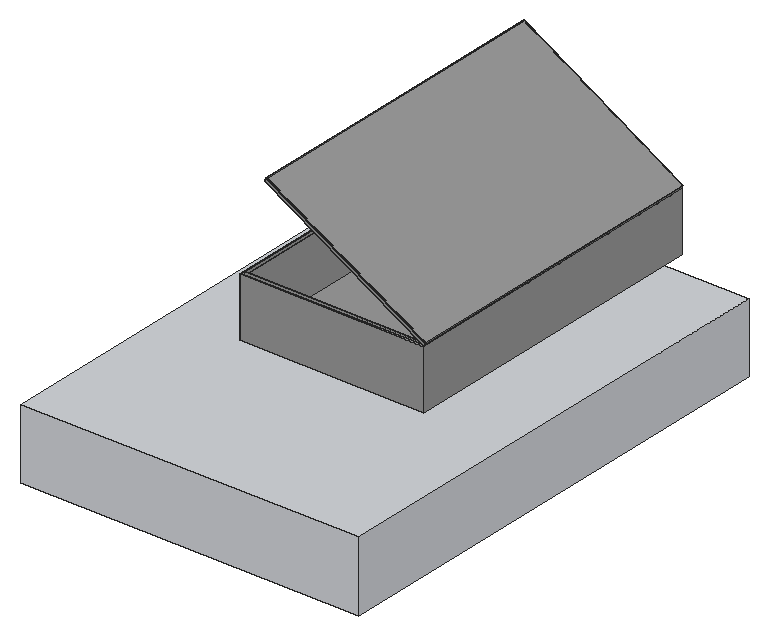
Revit family "Hager-Univers-IP55-D275-H1400-Cl.II-Steel_encl-NL-en", category Equipement électrique, Revit 2020
Family settings
  Hôte = Face
  Configuration du panneau = Deux colonnes, circuits au sein
  Cote de connecteur circulaire = Utiliser le diamètre
  Type d'élément = Tableau de raccordement
  Couper avec des vides une fois chargée = Non
  Partagée = Non
  Point de calcul de pièce = Non
Parameters (values of type "Surface mounted (plaster) IP55 W800 H1400 D275  - FR93S")
  Width Control [instance] = if([EF000008 - Width] > Min Width, [EF000008 - Width], Min Width)  # 800 mm
  Commentaires du type = [HG000003 - Range]  # "Univers"
  Thickness Door [instance] = if([EF009171 - Material plate thickness door/cover] > 3 mm, 3 mm, [EF009171 - Material plate thickness door/cover])  # 1.5 mm
  Seal Frame Offset [instance] = 17 mm  # constant formula
  Plinth Visibility [instance] = [HG000027 - Plinth height] > 0 mm  # no
  Model = ""
  Min Width [instance] = 100 mm  # constant formula
  Min Height [instance] = 100 mm  # constant formula
  Min Depth [instance] = (2 * [EF009170 - Material plate thickness cabinet]) + 1 mm  # 4 mm
  Internal Frame Depth [instance] = (Door System Depth * 0.5)  # 9 mm
  Height Control [instance] = if([EF000040 - Height] > Min Height, [EF000040 - Height], Min Height)  # 1400 mm
  HG000027 - Plinth height = 0 mm
  HG000026 - Floor standing = no
  HG000024 - Bottom section height = 800 mm
  HG000023 - Double section enclosure = no
  HG000016 - Door 3d visibility [instance] = yes
  HG000015 - Clearance visibility [instance] = no
  HG000014 - Door on the right [instance] = yes
  HG000013 - Door on the left [instance] = not([HG000014 - Door on the right])  # no
  HG000012 - Door swing angle [instance] = 30.00°
  HG000010 - Asymmetric doors = no
  HG000009 - Double swing door = no
  HG000006 - Flush mounted = no
  HG000004 - Manufacturer reference = "FR93S"
  HG000003 - Range = "Univers"
  HG000002 - With door or cover = yes
  Frame Offset Bottom [instance] = 10 mm  # constant formula
  Frame Offset [instance] = 15 mm  # constant formula
  EF015940 - Cover with overpressure release = no
  EF011959 - Degree of protection (NEMA) = ""
  EF009554 - Number of openings for flange plates = 6
  EF009212 - Cover model = "EV000116 - Closed"
  EF009171 - Material plate thickness door/cover = 1.5 mm
  EF009170 - Material plate thickness cabinet = 1.5 mm
  Fabricant = "Hager"  # constant formula
  EF008873 - Nominal current (In) = 800 A
  EF007800 - Suitable for lightning protection = no
  EF006306 - With lock = no
  EF006244 - Transparent cover/door = no
  EF005474 - Degree of protection (IP) = "EV006420 - IP55"
  EF004464 - Type of door = "EV002646 - Single"
  EF004427 - Number of modules = 324
  EF004293 - Impact strength = "EV008784 - IK10"
  EF003532 - Suitable for outdoor use = no
  EF002950 - Width in number of modular spacings = 24
  EF001613 - Circuit integrity = "EV000494 - None"
  EF001596 - Material housing = "EV000179 - Steel"
  EF001131 - Internal depth = 275 mm
  EF001088 - Extension possible = yes
  EF000437 - Number of conduit inlets = 6
  EF000339 - Type of cover = "EV004216 - Door"
  EF000266 - Number of rows = 9
  EF000218 - Built-in depth = 0 mm
  EF000118 - With mounting plate = no
  EF000116 - RAL-number = "7035"
  EF000049 - Depth = 275 mm
  EF000040 - Height = 1400 mm
  EF000008 - Width = 800 mm
  EF000007 - Colour = "EV000270 - Grey"
  EF000003 - Mounting method = "EV000384 - Surface mounted (plaster)"
  Door System Leaf Tolerance [instance] = 1.5 mm  # constant formula
  Door System Depth [instance] = 18 mm  # constant formula
  Door Height [instance] = Height Control - [HG000027 - Plinth height]  # 1400 mm
  Depth Control [instance] = if([EF000049 - Depth] > Min Depth, [EF000049 - Depth], Min Depth)  # 275 mm
  Default Elevation = 0 mm
  Connector Offset [instance] = Height Control / 2  # 700 mm
  Bottom Top Plate Trim [instance] = 1.5 mm  # constant formula
  Plinth height Ctrl [instance] = if([HG000027 - Plinth height] > 0 mm, [HG000027 - Plinth height], 12 mm)  # 12 mm
Types (5, lengths in mm): name | Width Control | HG000010 - Asymmetric doors | HG000009 - Double swing door | HG000004 - Manufacturer reference | EF009554 - Number of openings for flange plates | EF004464 - Type of door | EF004427 - Number of modules | EF000437 - Number of conduit inlets | EF000008 - Width
  Surface mounted (plaster) IP55 W1050 H1400 D275  - FR94S | 1050 | no | yes | "FR94S" | 8 | "EV003602 - Double" | 432 | 8 | 1050
  Surface mounted (plaster) IP55 W1300 H1400 D275  - FR95S | 1300 | yes | yes | "FR95S" | 10 | "EV003602 - Double" | 540 | 10 | 1300
  Surface mounted (plaster) IP55 W300 H1400 D275  - FR91S | 300 | no | no | "FR91S" | 2 | "EV002646 - Single" | 108 | 2 | 300
  Surface mounted (plaster) IP55 W550 H1400 D275  - FR92S | 550 | no | no | "FR92S" | 4 | "EV002646 - Single" | 216 | 4 | 550
  Surface mounted (plaster) IP55 W800 H1400 D275  - FR93S | 800 | no | no | "FR93S" | 6 | "EV002646 - Single" | 324 | 6 | 800
Reference planes
  plane 1 "Center (Front/Back)": y = 0
  plane 2: z = 0
  plane 3 "Center (Left/Right)": x = 0
  plane 4: z = 275
  plane 5: y = 1.5
  plane 6: y = 700
  plane 7: y = 0
  plane 8: y = 1400
  plane 9: z = 0
  plane 10: x = -385
  plane 11: x = 385
  plane 12: x = 383.5
  plane 13: x = -383.5
  plane 14: y = 1398.5
  plane 15: x = -383
  plane 16: x = -400
  plane 17: x = 383
  plane 18: x = 400
  plane 19: x = 398.5
  plane 20: x = -398.5
  plane 21: y = 11.5
  plane 22: y = 1400
  plane 23: y = 1383.5
  plane 24: z = 257
  plane 25: z = 1.5
  plane 26: z = 255.5
  plane 27: z = 273.5
Forms (mm)
  Extrusion 1, solid
    sketch origin (0, 0, 0) x (1, 0, 0) y (0, 1, 0)
      loop
        line (-702.964, 1305) -> (-702.964, -811.445) -> (766.763, -811.445) -> (766.763, 1305) -> (-702.964, 1305)
    from 0 to -304.8
  Extrusion 2, solid, material "Hager_Steel_RAL7035_Light_Grey", visible <- "Plinth Visibility", detail levels medium+fine
    sketch origin (0, 0, 0) x (1, 0, 0) y (0, 1, 0)
      loop
        line (-400, 0) -> (400, 0) -> (400, 12) -> (-400, 12) -> (-400, 0)
    from 0 to 257
  Extrusion 3, solid, material "Hager_Steel_RAL7035_Light_Grey", detail levels medium+fine
    sketch origin (0, 0, 0) x (1, 0, 0) y (0, 1, 0)
      loop
        line (-400, 0) -> (400, 0) -> (400, 1400) -> (-400, 1400) -> (-400, 0)
    from 0 to 257
  Extrusion 4, void
    sketch origin (0, 0, 0) x (1, 0, 0) y (0, 1, 0)
      loop
        line (-398.5, 1.5) -> (398.5, 1.5) -> (398.5, 1398.5) -> (-398.5, 1398.5) -> (-398.5, 1.5)
    from 1.5 to 255.5
  Extrusion 5, void
    sketch origin (-381.607, -4572, 257) x (0, -1, 0) y (-1, 0, 0)
      loop
        line (-4583.5, 1.893) -> (-5955.5, 1.893) -> (-5955.5, -765.107) -> (-4583.5, -765.107) -> (-4583.5, 1.893)
    from 0 to 1.5 <- "EF009170 - Material plate thickness cabinet"
  Extrusion 6, solid, material "Hager_Steel_RAL7035_Light_Grey", detail levels fine
    sketch origin (0, 0, 257) x (1, 0, 0) y (0, 1, 0)
      loop
        line (-383.5, 1383.5) -> (-383.5, 11.5) -> (383.5, 11.5) -> (383.5, 1383.5) -> (-383.5, 1383.5)
      loop
        line (-385, 10) -> (385, 10) -> (385, 1385) -> (-385, 1385) -> (-385, 10)
    from 0 to 9 <- "Internal Frame Depth"
  Extrusion 7, solid, material "Hager_Steel_RAL7035_Light_Grey", detail levels coarse
    sketch origin (0, 0, 0) x (1, 0, 0) y (0, 1, 0)
      loop
        line (-400, 0) -> (400, 0) -> (400, 1400) -> (-400, 1400) -> (-400, 0)
    from 0 to 275
  Sweep 8, void
    path in 3D
      loop
        line (-400, 12, 0) -> (400, 12, 0) -> (400, 12, 257) -> (-400, 12, 257) -> (-400, 12, 0)
    profile origin (-400, 12, 128.5) x (-1, 0, 0) y (0, -1, 0)
      loop
        line (0, 0) -> (0, 1.5) -> (-1.5, 1.5)
        arc (-1.5, 1.5) -> (-1.061, 0.439) -> (0, 0) r 1.5
Cuts and joins
  Extrusion 4, Extrusion 5 cuts Extrusion 3
  Sweep 8 cuts Extrusion 2
Lines and regions (mm)
  Masking region 1
    outline origin (0, 0, 0) x (1, 0, 0) y (0, 0, 1)
      loop
        line (-400, 275) -> (-400, 0) -> (400, 0) -> (400, 275) -> (-400, 275)
  Masking region 2, detail levels medium+fine
    outline origin (0, 140, 0) x (0, 1, 0) y (0, 0, 1)
      loop
        line (-140, 0) -> (1260, 0) -> (1260, 257) -> (-140, 257) -> (-140, 0)
  Masking region 3, not visible, detail levels medium+fine
    outline origin (0, 297.922, 0) x (0, 1, 0) y (0, 0, 1)
      loop
        line (413.578, 0) -> (453.578, 0) -> (453.578, 263.5)
        arc (453.578, 263.5) -> (450.649, 270.571) -> (443.578, 273.5) r 10
        line (443.578, 273.5) -> (413.578, 273.5) -> (413.578, 0)
  Masking region 4, detail levels coarse
    outline origin (0, 0, 180) x (0, 1, 0) y (0, 0, 1)
      loop
        line (0, -180) -> (1400, -180) -> (1400, 95) -> (0, 95) -> (0, -180)
  Masking region 5, visible <- "Plinth Visibility", detail levels medium+fine
    outline origin (0, 52.24, 12.345) x (0, 0, -1) y (0, 1, 0)
      loop
        line (10.845, -40.24) -> (-243.155, -40.24)
        arc (-243.155, -40.24) -> (-243.594, -41.301) -> (-244.655, -41.74) r 1.5
        line (-244.655, -41.74) -> (-244.655, -52.24) -> (12.345, -52.24) -> (12.345, -41.74)
        arc (12.345, -41.74) -> (11.285, -41.301) -> (10.845, -40.24) r 1.5
  Masking region 6, detail levels medium+fine
    outline origin (-381.607, -4572, 257) x (-1, 0, 0) y (0, -1, 0)
      loop
        line (18.393, -5972) -> (18.393, -4572) -> (-781.607, -4572) -> (-781.607, -5972) -> (18.393, -5972)
  Masking region 7, visible <- "Plinth Visibility", detail levels medium+fine
    outline origin (-381.607, -4727, 257) x (-1, 0, 0) y (0, -1, 0)
      loop
        arc (16.893, -4739) -> (17.332, -4737.939) -> (18.393, -4737.5) r 1.5
        line (18.393, -4737.5) -> (18.393, -4727) -> (-781.607, -4727) -> (-781.607, -4737.5)
        arc (-781.607, -4737.5) -> (-780.546, -4737.939) -> (-780.107, -4739) r 1.5
        line (-780.107, -4739) -> (16.893, -4739)
  Masking region 8, detail levels coarse
    outline origin (-442.548, -4669.526, 257) x (-1, 0, 0) y (0, -1, 0)
      loop
        line (-42.548, -6069.526) -> (-42.548, -4669.526) -> (-842.548, -4669.526) -> (-842.548, -6069.526) -> (-42.548, -6069.526)
  sketch lines
    curve 1: line (-400, 12, 257) -> (-400, 12, 0)
    curve 2: line (400, 12, 257) -> (-400, 12, 257)
    curve 3: line (400, 12, 257) -> (400, 12, 0)
    curve 4: line (-400, 12, 0) -> (400, 12, 0)
Dimensions and locks
  "Depth Control": plane 4 to Extrusion 1
  "HG000027 - Plinth height": plane 1 "Center (Front/Back)" to plane 7
  "EF009170 - Material plate thickness cabinet": plane 5 to plane 7
  locked: connector elem to plane 3 "Center (Left/Right)"
  equal spacing: plane 8, plane 6, plane 7
  locked: connector elem to plane 6
  "EF009170 - Material plate thickness cabinet": plane 8 to plane 14
  "EF009170 - Material plate thickness cabinet": plane 10 to plane 13
  "EF009170 - Material plate thickness cabinet": plane 12 to plane 11
  "Frame Offset": plane 20 to plane 13
  "Frame Offset": plane 12 to plane 19
  "EF009170 - Material plate thickness cabinet": plane 16 to plane 20
  "EF009170 - Material plate thickness cabinet": plane 19 to plane 18
  "Seal Frame Offset": plane 16 to plane 15
  "Seal Frame Offset": plane 17 to plane 18
  "Frame Offset Bottom": plane 21 to plane 5
  "Frame Offset": plane 14 to plane 23
  equal spacing: plane 16, plane 3 "Center (Left/Right)", plane 18
  "Width Control": plane 16 to plane 18
  "EF009170 - Material plate thickness cabinet": plane 4 to plane 27
  "EF009170 - Material plate thickness cabinet": plane 24 to plane 26
  "EF009170 - Material plate thickness cabinet": plane 25 to level
  "Door System Depth": plane 4 to plane 24
  "Height Control": plane 1 "Center (Front/Back)" to Extrusion 7 sketch curve
  "Height Control": Masking region 4 sketch curve to plane 1 "Center (Front/Back)"
  "Height Control": plane 1 "Center (Front/Back)" to plane 22
  "Bottom Top Plate Trim": profile plane to Sweep 8 sketch curve
  "Bottom Top Plate Trim": Sweep 8 sketch curve to profile plane
  "Plinth height Ctrl": plane 1 "Center (Front/Back)" to Extrusion 2 sketch curve
  "Plinth height Ctrl": Masking region 5 sketch curve to plane 1 "Center (Front/Back)"
  "Plinth height Ctrl": plane 1 "Center (Front/Back)" to Masking region 7 sketch curve
  "Thickness Door": Extrusion 6 sketch curve to Extrusion 6 sketch curve  (x3)
  "Thickness Door": cut or joined group of Extrusion 3, Extrusion 4, Extrusion 5 to Extrusion 6 sketch curve
  radius of Masking region 3 sketch curve = 10 mm
  "Bottom Top Plate Trim": radius of Masking region 5 sketch curve  (x2)
  "Bottom Top Plate Trim": radius of Sweep 8 sketch curve
  "Bottom Top Plate Trim": radius of Masking region 7 sketch curve  (x2)
  aligned and locked: plane 2 to Extrusion 1
  aligned and locked: level to Extrusion 1
  aligned and locked: level to Masking region 1 sketch curve
  aligned and locked: Masking region 1 sketch curve to plane 18
  aligned and locked: Masking region 1 sketch curve to plane 16
  aligned and locked: plane 7 to Masking region 2 sketch curve
  aligned and locked: level to Masking region 3 sketch curve
  aligned and locked: Masking region 3 sketch curve to plane 27
  aligned and locked: level to Masking region 2 sketch curve
  aligned and locked: plane 1 "Center (Front/Back)" to Extrusion 2 sketch curve
  aligned and locked: Extrusion 3 sketch curve to plane 7
  aligned and locked: plane 16 to Extrusion 3 sketch curve
  aligned and locked: plane 18 to Extrusion 3 sketch curve
  aligned and locked: plane 20 to Extrusion 4 sketch curve
  aligned and locked: plane 19 to Extrusion 4 sketch curve
  aligned and locked: Extrusion 4 sketch curve to plane 5
  aligned and locked: Extrusion 4 to plane 25
  aligned and locked: plane 26 to Extrusion 4
  aligned and locked: plane 24 to Extrusion 3
  aligned and locked: Extrusion 5 sketch curve to plane 21
  aligned and locked: Extrusion 5 sketch curve to plane 13
  aligned and locked: Extrusion 5 sketch curve to plane 12
  aligned and locked: plane 18 to Extrusion 7 sketch curve
  aligned and locked: plane 1 "Center (Front/Back)" to Extrusion 7 sketch curve
  aligned and locked: plane 16 to Extrusion 7 sketch curve
  aligned and locked: plane 4 to Extrusion 7
  aligned and locked: Extrusion 7 to level
  aligned and locked: level to Masking region 4 sketch curve
  aligned and locked: Masking region 4 sketch curve to plane 1 "Center (Front/Back)"
  aligned and locked: Masking region 4 sketch curve to plane 4
  aligned and locked: nested 1 to level
  aligned and locked: nested 1 to plane 16
  aligned and locked: plane 8 to Extrusion 3 sketch curve
  aligned and locked: plane 23 to Extrusion 5 sketch curve
  aligned and locked: plane 14 to Extrusion 4 sketch curve
  aligned and locked: Masking region 2 sketch curve to plane 8
  aligned and locked: level to Masking region 5 sketch curve
  aligned and locked: plane 16 to Extrusion 2 sketch curve
  aligned and locked: plane 18 to Extrusion 2 sketch curve
  aligned and locked: Masking region 5 sketch curve to plane 24
  aligned and locked: Masking region 2 sketch curve to plane 24
  aligned and locked: plane 24 to Extrusion 2
  aligned and locked: profile plane to Sweep 8 sketch curve  (x2)
  aligned and locked: Masking region 6 sketch curve to plane 18
  aligned and locked: Masking region 6 sketch curve to plane 22
  aligned and locked: Masking region 6 sketch curve to plane 16
  aligned and locked: plane 8 to plane 22
  aligned and locked: Masking region 6 sketch curve to plane 7
  aligned and locked: Masking region 7 sketch curve to plane 16
  aligned and locked: Masking region 7 sketch curve to plane 1 "Center (Front/Back)"
  aligned and locked: Masking region 7 sketch curve to plane 18
  aligned and locked: Masking region 8 sketch curve to plane 1 "Center (Front/Back)"
  aligned and locked: Masking region 8 sketch curve to plane 18
  aligned and locked: Masking region 8 sketch curve to plane 22
  aligned and locked: Masking region 8 sketch curve to plane 16
  aligned and locked: nested 2 to plane 7
  aligned and locked: plane 3 "Center (Left/Right)" to nested 2
  aligned and locked: nested 2 to plane 24
  aligned and locked: Extrusion 6 sketch curve to cut or joined group of Extrusion 3, Extrusion 4, Extrusion 5  (x4)
Automatic sketch dimensions
  Extrusion 1 sketch curve to Extrusion 1 sketch curve = 1469.727 mm
  Extrusion 1 sketch curve to Extrusion 1 sketch curve = 2116.445 mm
  Masking region 1 sketch curve to plane 4 = 0 mm
  plane 6 to Masking region 3 sketch curve = 11.5 mm
  Masking region 3 sketch curve to Masking region 3 sketch curve = 30 mm
  Masking region 5 sketch curve to plane 1 "Center (Front/Back)" = 0 mm
Nested families
  nested 1: "Hager_Enclosure_Symbol" at (-400, 0, 0) x (1, 0, 0) z (0, -1, 0), Height <- "Depth Control", Width <- "Width Control", type "Hager_Enclosure_Symbol"
    with Width_Ctrl 800 mm, Width 800 mm, Height_Ctrl 275 mm, Height 275 mm, A_Width_Int 18.047 mm, A_Width 216.562 mm, A_Height_Ctrl 240.625 mm, A_Height 240.625 mm
  nested 2: "EC000058_Univers_Door" at (0, 0, 257) x (1, 0, 0) z (0, 1, 0), Leaf_Tolerance <- "Door System Leaf Tolerance", Angle <- "HG000012 - Door swing angle", Door_Depth <- "Door System Depth", Door_Left <- "HG000013 - Door on the left", Transparent <- "EF006244 - Transparent cover/door", Assymetrical <- "HG000010 - Asymmetric doors", Width <- "Width Control", Clearance <- "HG000015 - Clearance visibility", Double <- "HG000009 - Double swing door", 3d_Door <- "HG000016 - Door 3d visibility", Lock_Visibility <- "EF006306 - With lock", Width_Ctrl <- "Width Control", Door_Right <- "HG000014 - Door on the right", Door <- "HG000002 - With door or cover", Height <- "Door Height", Thickness <- "Thickness Door", type "EC000058_Univers_Door", detail levels medium+fine
    with min_wh 4 mm, Width_Ctrl 800 mm, Width 800 mm, Transparent no, Thickness 1.5 mm, Seal_Material Hager_Rubber, Lock_Visibility no, Lock_Material Hager_Plastic_RAL9005_Jet_Black, Leaf_Width 800 mm, Leaf_Tolerance_External_Sides 0 mm, Leaf_Tolerance 1.5 mm, Leaf_Offset 0 mm, Leaf_Height 1397 mm, Leaf_2_Width 800 mm, Leaf_2_Offset 400 mm, Leaf_1_Width 800 mm, Leaf_1_Offset 400 mm, Height_Ctrl 1400 mm, Height 1400 mm, Glass_Material Hager_Glass, Double_Clearance_Ctrl no, Double no, Door_Right_Ctrl yes, Door_Right yes, Door_Material Hager_Steel_RAL7035_Light_Grey, Door_Left_Ctrl no, Door_Left no, Door_Depth 18 mm, Door yes, Clearance_Material Hager_Clearance, Clearance_Depth 800 mm, Clearance_Ctrl no, Clearance no, Assymetrical no, Angle 30.00°, 3d_Door yes
Connectors
  electrical at (0, 700, 0)
    settings: on plane 9, index 1, voltage 0 V, apparent load 0 VA, apparent load phase1 0 VA, apparent load phase2 0 VA, apparent load phase3 0 VA, power factor 1, load classification "Other", number of poles 1, system type 30, power factor state 1, is connector primary yes, connector utility no, sub classification motor no, connector description ""
Definition of nested family "EC000058_Univers_Door"
  Parameters (values of type "EC000058_Univers_Door")
    min_wh [instance] = (2 * Thickness) + 1 mm  # 11 mm
    Width_Ctrl [instance] = 400 mm
    Width [instance] = 500 mm
    Transparent [instance] = yes
    Thickness [instance] = 5 mm
    Seal_Material [instance] = none
    Lock_Visibility [instance] = yes
    Lock_Material [instance] = none
    Leaf_Width [instance] = if((Width_Ctrl - 2 * Leaf_Tolerance_External_Sides) > 0 mm, (Width_Ctrl - 2 * Leaf_Tolerance_External_Sides), min_wh)  # 400 mm
    Leaf_Tolerance_External_Sides [instance] = 0 mm  # constant formula
    Leaf_Tolerance [instance] = 1.5 mm
    Leaf_Offset [instance] = 0 mm  # constant formula
    Leaf_Height [instance] = if((Height_Ctrl - 2 * Leaf_Tolerance) > 0 mm, (Height_Ctrl - 2 * Leaf_Tolerance), min_wh)  # 497 mm
    Leaf_2_Width [instance] = if(and(and(Double, Assymetrical), Door_Left), (Leaf_Width / 3) - (Leaf_Tolerance / 2), if(and(and(Double, Assymetrical), Door_Right), (Leaf_Width / 3) * 2 - (Leaf_Tolerance / 2), if(and(Double, not(Assymetrical)), (Leaf_Width / 2) - Leaf_Tolerance, Leaf_Width)))  # 400 mm
    Leaf_2_Offset [instance] = if(and(Double, Assymetrical), Leaf_2_Width / 2, if(and(Double, not(Assymetrical)), Leaf_Width / 4, Leaf_Width / 2))  # 200 mm
    Leaf_1_Width [instance] = if(and(and(Double, Assymetrical), Door_Right), (Leaf_Width / 3) - (Leaf_Tolerance / 2), if(and(and(Double, Assymetrical), Door_Left), (Width / 3) * 2 - (Leaf_Tolerance / 2), if(and(Double, not(Assymetrical)), (Leaf_Width / 2) - Leaf_Tolerance, Leaf_Width)))  # 400 mm
    Leaf_1_Offset [instance] = if(and(Double, Assymetrical), Leaf_1_Width / 2, if(and(Double, not(Assymetrical)), Leaf_Width / 4, Leaf_Width / 2))  # 200 mm
    Height_Ctrl [instance] = if(Height > min_wh, Height, min_wh)  # 500 mm
    Height [instance] = 500 mm
    Glass_Material [instance] = none
    Double_Clearance_Ctrl [instance] = and(Double, Clearance)  # no
    Double [instance] = no
    Door_Right_Ctrl [instance] = and(or(Door_Right, Double), Door)  # yes
    Door_Right [instance] = yes
    Door_Material [instance] = none
    Door_Left_Ctrl [instance] = and(or(Door_Left, Double), Door)  # no
    Door_Left [instance] = no
    Door_Depth [instance] = 30 mm
    Door [instance] = yes
    Default Elevation = 1219.2 mm
    Clearance_Material [instance] = none
    Clearance_Depth [instance] = if(Leaf_1_Width > Leaf_2_Width, Leaf_1_Width, Leaf_2_Width)  # 400 mm
    Clearance_Ctrl [instance] = and(not(Double), Clearance)  # yes
    Clearance [instance] = yes
    Assymetrical [instance] = yes
    Angle [instance] = 30.00°
    3d_Door [instance] = yes
  Reference planes
    plane 1 "Center (Front/Back)": y = 0
    plane 2 "Bottom": z = 0
    plane 3 "Center (Left/Right)": x = 0
    plane 4: z = 500
    plane 5: x = -200
    plane 6: x = 200
    plane 7: z = 500
    plane 8: x = -200
    plane 9: z = 0
    plane 10: x = 200
    plane 11: y = 0
    plane 12: z = 1.5
    plane 13: x = -600
    plane 14: y = -400
    plane 15: x = 600
    plane 16: x = 0
    plane 17: x = 0
    plane 18: x = -200
    plane 19: x = 200
    plane 20: z = 498.5
  Forms (mm)
    Extrusion 1, solid, material <- "Clearance_Material", visible <- "Double_Clearance_Ctrl"
      sketch origin (1200, 0, 0) x (1, 0, 0) y (0, 0, -1)
        loop
          line (-1800, -498.5) -> (-600, -498.5) -> (-600, 0) -> (-1800, 0) -> (-1800, -498.5)
      from 0 to -400
  Dimensions and locks
    equal spacing: plane 5, plane 3 "Center (Left/Right)", plane 6
    "Width_Ctrl": plane 5 to plane 6
    "Leaf_Offset": plane 5 to plane 8
    "Leaf_Offset": plane 6 to plane 10
    "Leaf_Offset": plane 9 to level
    "Leaf_Offset": plane 4 to plane 7
    "Height_Ctrl": plane 4 to level
    "Leaf_Tolerance": plane 12 to plane 9
    locked: plane 11 to plane 1 "Center (Front/Back)"
    "Leaf_1_Offset": plane 18 to plane 16
    "Leaf_2_Offset": plane 17 to plane 19
    "Leaf_1_Width": plane 13 to plane 8
    "Leaf_2_Width": plane 10 to plane 15
    "Clearance_Depth": plane 14 to plane 1 "Center (Front/Back)"
    "Leaf_Tolerance_External_Sides": plane 8 to plane 18
    "Leaf_Tolerance_External_Sides": plane 19 to plane 10
    "Leaf_Tolerance": plane 7 to plane 20
    aligned and locked: level to plane 2 "Bottom"
    aligned and locked: nested 1 to plane 16
    aligned and locked: nested 2 to plane 17
    aligned and locked: Extrusion 1 to plane 13
    aligned and locked: plane 15 to Extrusion 1
    aligned and locked: Extrusion 1 to plane 14
    aligned and locked: plane 12 to nested 1
    aligned and locked: nested 2 to plane 12
    aligned and locked: Extrusion 1 to plane 11
    aligned and locked: plane 20 to Extrusion 1
    aligned and locked: nested 2 to plane 11
    aligned and locked: nested 1 to plane 11
  Automatic sketch dimensions
    Extrusion 1 sketch curve to level = 0 mm
    plane 5 to Extrusion 1 sketch curve = 400 mm
    plane 6 to Extrusion 1 sketch curve = 400 mm
    Extrusion 1 sketch curve to plane 4 = 1.5 mm
  Nested families
    nested 1: "EC000058_Univers_Door_Leaf" at (0, 0, 1.5), Width <- "Leaf_1_Width", visible <- "Door_Left_Ctrl", Leaf_Height <- "Leaf_Height", Angle <- "Angle", 3d_Door <- "3d_Door", Transparent <- "Transparent", Clearance Material <- "Clearance_Material", Clearance <- "Clearance_Ctrl", Door_Material <- "Door_Material", Glass_Material <- "Glass_Material", Door_Depth <- "Door_Depth", Lock_Material <- "Lock_Material", Seal_Material <- "Seal_Material", Lock_Visibility <- "Lock_Visibility", Thickness <- "Thickness", type "EC000058_Univers_Door_Leaf"
      with Width 400 mm, Transparent_Glass_Offset 30 mm, Transparent_Ctrl yes, Transparent yes, Thickness 5 mm, Standard no, Seal_Material none, Seal_D2 8 mm, Seal_D1 1 mm, Offset_Internal_Frame 10 mm, Lock_Width 20 mm, Lock_Visibility_3d yes, Lock_Visibility yes, Lock_Thickness_3 3 mm, Lock_Thickness_2 1 mm, Lock_Thickness_1 3 mm, Lock_Radius_Offset_2 16 mm, Lock_Radius_Offset_1 15 mm, Lock_Radius_2 5 mm, Lock_Radius 6 mm, Lock_Offset 5 mm, Lock_Material none, Lock_Height 80 mm, Lock_Cover_Top_Offset_2d 17 mm, Lock_Cover_Height -65 mm, Leaf_Height 497 mm, Internal_Seal_Thickness 8 mm, Internal_Seal_Depth_2 4.5 mm, Internal_Frame_Depth 25 mm, Glass_Thickness -1 mm, Glass_Offset -2 mm, Glass_Material none, Door_Material none, Door_Depth 30 mm, Clearance Material none, Clearance yes, Angle_Ctrl 30.00°, Angle 30.00°, 3d_Door yes
    nested 2: "EC000058_Univers_Door_Leaf" at (0, 0, 1.5) x (-1, 0, 0) z (0, 0, 1), Width <- "Leaf_2_Width", visible <- "Door_Right_Ctrl", Leaf_Height <- "Leaf_Height", Angle <- "Angle", 3d_Door <- "3d_Door", Transparent <- "Transparent", Clearance Material <- "Clearance_Material", Clearance <- "Clearance_Ctrl", Door_Material <- "Door_Material", Glass_Material <- "Glass_Material", Door_Depth <- "Door_Depth", Lock_Material <- "Lock_Material", Seal_Material <- "Seal_Material", Lock_Visibility <- "Lock_Visibility", Thickness <- "Thickness", type "EC000058_Univers_Door_Leaf"
      with Width 400 mm, Transparent_Glass_Offset 30 mm, Transparent_Ctrl yes, Transparent yes, Thickness 5 mm, Standard no, Seal_Material none, Seal_D2 8 mm, Seal_D1 1 mm, Offset_Internal_Frame 10 mm, Lock_Width 20 mm, Lock_Visibility_3d yes, Lock_Visibility yes, Lock_Thickness_3 3 mm, Lock_Thickness_2 1 mm, Lock_Thickness_1 3 mm, Lock_Radius_Offset_2 16 mm, Lock_Radius_Offset_1 15 mm, Lock_Radius_2 5 mm, Lock_Radius 6 mm, Lock_Offset 5 mm, Lock_Material none, Lock_Height 80 mm, Lock_Cover_Top_Offset_2d 17 mm, Lock_Cover_Height -65 mm, Leaf_Height 497 mm, Internal_Seal_Thickness 8 mm, Internal_Seal_Depth_2 4.5 mm, Internal_Frame_Depth 25 mm, Glass_Thickness -1 mm, Glass_Offset -2 mm, Glass_Material none, Door_Material none, Door_Depth 30 mm, Clearance Material none, Clearance yes, Angle_Ctrl 30.00°, Angle 30.00°, 3d_Door yes
  Definition of nested family "EC000058_Univers_Door_Leaf"
    Parameters (values of type "EC000058_Univers_Door_Leaf")
      Width [instance] = 2000 mm
      Transparent_Glass_Offset [instance] = 30 mm
      Transparent_Ctrl [instance] = and(Transparent, [3d_Door])  # yes
      Transparent [instance] = yes
      Thickness [instance] = 5 mm
      Standard [instance] = and(not(Transparent), [3d_Door])  # no
      Seal_Material [instance] = none
      Seal_D2 [instance] = 8 mm  # constant formula
      Seal_D1 [instance] = 1 mm  # constant formula
      Offset_Internal_Frame [instance] = 10 mm  # constant formula
      Lock_Width [instance] = 20 mm  # constant formula
      Lock_Visibility_3d [instance] = and(Lock_Visibility, [3d_Door])  # yes
      Lock_Visibility [instance] = yes
      Lock_Thickness_3 [instance] = 3 mm  # constant formula
      Lock_Thickness_2 [instance] = 1 mm  # constant formula
      Lock_Thickness_1 [instance] = 3 mm  # constant formula
      Lock_Radius_Offset_2 [instance] = Lock_Radius_Offset_1 + 1 mm  # 16 mm
      Lock_Radius_Offset_1 [instance] = 15 mm  # constant formula
      Lock_Radius_2 [instance] = Lock_Radius - 1 mm  # 5 mm
      Lock_Radius [instance] = 6 mm  # constant formula
      Lock_Offset [instance] = 5 mm  # constant formula
      Lock_Material [instance] = none
      Lock_Height [instance] = 80 mm  # constant formula
      Lock_Cover_Top_Offset_2d [instance] = Lock_Radius_Offset_2 + 1 mm  # 17 mm
      Lock_Cover_Height [instance] = -(Lock_Height - Lock_Radius_Offset_1)  # -65 mm
      Leaf_Height [instance] = 2720.336 mm
      Internal_Seal_Thickness [instance] = 8 mm  # constant formula
      Internal_Seal_Depth_2 [instance] = 4.5 mm  # constant formula
      Internal_Frame_Depth [instance] = if(Door_Depth - Thickness > 5 mm, Door_Depth - Thickness, 5 mm)  # 25 mm
      Glass_Thickness [instance] = if(Thickness > 15 mm, Glass_Offset + 10 mm, -1 mm)  # -1 mm
      Glass_Offset [instance] = if(Thickness > 15 mm, -(Thickness + 10 mm) / 2, -2 mm)  # -2 mm
      Glass_Material [instance] = none
      Door_Material [instance] = none
      Door_Depth [instance] = 30 mm
      Default Elevation = 0 mm
      Clearance Material [instance] = none
      Clearance [instance] = yes
      Angle_Ctrl [instance] = if(Angle > 180.00°, 180.00°, Angle)  # 90.00°
      Angle [instance] = 90.00°
      3d_Door [instance] = yes
    Reference planes
      plane 1 "Center (Front/Back)": y = 0
      plane 2: z = 0
      plane 3 "Center (Left/Right)": x = 0
      plane 4: y = 2000
      plane 5: x = -1000
      plane 6: x = 1000
      plane 7: x = -3000
      plane 8: z = 2720.336
      plane 9: z = 30
      plane 10: z = 2690.336
      plane 11: x = 970
      plane 12: x = -970
      plane 13: y = -3
      plane 14: z = 107.833
      plane 15: y = -5
      plane 16: y = -223.314
      plane 17: x = -1000
      plane 18: z = 1360.168
      plane 19: y = 30
    Forms (mm)
      Extrusion 1, solid, material <- "Clearance Material", visible <- "Clearance"
        sketch origin (0, 0, 0) x (1, 0, 0) y (0, 0, 1)
          loop
            line (-3000, 2720.336) -> (-3000, 0) -> (1000, 0) -> (1000, 2720.336) -> (-3000, 2720.336)
        from 0 to -2000
      Extrusion 2, solid, material <- "Door_Material", visible <- "Standard", detail levels medium+fine
        sketch origin (-1000, 0, 0) x (0, 1, 0) y (-1, 0, 0)
          loop
            line (0, 30) -> (0, 25) -> (2000, 25) -> (2000, 30) -> (0, 30)
        from 0 to 2720.336 <- "Leaf_Height"
      Extrusion 3, solid, material <- "Door_Material", visible <- "Transparent_Ctrl", detail levels medium+fine
        sketch origin (-1000, 0, 0) x (0, 1, 0) y (-1, 0, 0)
          loop
            line (0, 25) -> (2000, 25) -> (2000, 30) -> (0, 30) -> (0, 25)
        from 0 to 2720.336 <- "Leaf_Height"
      Extrusion 4, void
        sketch origin (-1025, 2000, 0) x (0, 1, 0) y (0, 0, -1)
          loop
            line (-30, -2690.336) -> (-30, -30) -> (-1970, -30) -> (-1970, -2690.336) -> (-30, -2690.336)
        from 0 to 5 <- "Thickness"
      Sweep 5, solid, material <- "Seal_Material", visible <- "Transparent_Ctrl", detail levels fine
        path in 3D
          loop
            line (-1025, 30, 30) -> (-1025, 30, 2690.336) -> (-1025, 1970, 2690.336) -> (-1025, 1970, 30) -> (-1025, 30, 30)
        profile origin (-1025, 1000, 30) x (1, 0, 0) y (0, 0, 1)
          loop
            line (0, 0) -> (0, -8) -> (1, -8) -> (1, 0) -> (0, 0)
      Extrusion 6, solid, material <- "Glass_Material", visible <- "Transparent_Ctrl", detail levels medium+fine
        sketch origin (-1030, 0, 0) x (0, 1, 0) y (0, 0, -1)
          loop
            line (1970, -2690.336) -> (1970, -30) -> (30, -30) -> (30, -2690.336) -> (1970, -2690.336)
        from -2 <- "Glass_Offset" to -1 <- "Glass_Thickness"
      Extrusion 7, solid, material <- "Door_Material", visible <- "3d_Door", detail levels medium+fine
        sketch origin (-1025, 2000, 0) x (0, -1, 0) y (0, 0, -1)
          loop
            line (0, -2720.336) -> (2000, -2720.336) -> (2000, 0) -> (0, 0) -> (0, -2720.336)
          loop
            line (1995, -5) -> (5, -5) -> (5, -2715.336) -> (1995, -2715.336) -> (1995, -5)
        from 0 to 25 <- "Internal_Frame_Depth"
      Sweep 8, solid, material <- "Seal_Material", visible <- "Transparent_Ctrl", detail levels fine
        path in 3D
          loop
            line (-1025, 0, 0) -> (-1025, 2000, 0) -> (-1025, 2000, 2720.336) -> (-1025, 0, 2720.336) -> (-1025, 0, 0)
        profile origin (-1025, 0, 1360.168) x (1, 0, 0) y (0, 1, 0)
          loop
            line (0, 10) -> (2.975, 10)
            arc (2.975, 10) -> (4.053, 10.447) -> (4.5, 11.525) r 1.525
            line (4.5, 11.525) -> (4.5, 16.527)
            arc (4.5, 16.527) -> (4.069, 17.569) -> (3.027, 18) r 1.473
            line (3.027, 18) -> (0, 18) -> (0, 10)
      Extrusion 9, solid, material <- "Lock_Material", visible <- "Lock_Visibility_3d", detail levels fine
        sketch origin (-1030, 0, 0) x (0, 1, 0) y (0, 0, -1)
          loop
            arc (1993.5, -1400.168) -> (1994.561, -1399.729) -> (1995, -1398.668) r 1.5
            line (1995, -1398.668) -> (1995, -1320.168) -> (1975, -1320.168) -> (1975, -1398.668)
            arc (1975, -1398.668) -> (1975.439, -1399.729) -> (1976.5, -1400.168) r 1.5
            line (1976.5, -1400.168) -> (1993.5, -1400.168)
        from 3 <- "Lock_Thickness_1" to 0
      Blend 10, solid, material <- "Lock_Material", visible <- "Lock_Visibility_3d", detail levels fine
        base sketch origin (-1033, 0, 0) x (0, 1, 0) y (0, 0, -1)
          loop
            line (1975, -1320.168) -> (1975, -1398.668)
            arc (1975, -1398.668) -> (1975.439, -1399.729) -> (1976.5, -1400.168) r 1.5
            line (1976.5, -1400.168) -> (1993.5, -1400.168)
            arc (1993.5, -1400.168) -> (1994.561, -1399.729) -> (1995, -1398.668) r 1.5
            line (1995, -1398.668) -> (1995, -1320.168) -> (1975, -1320.168)
        top sketch origin (-1033, 0, 0) x (0, 1, 0) y (0, 0, -1)
          loop
            line (1976, -1320.168) -> (1976, -1398.668)
            arc (1976, -1398.668) -> (1976.146, -1399.022) -> (1976.5, -1399.168) r 0.5
            line (1976.5, -1399.168) -> (1993.5, -1399.168)
            arc (1993.5, -1399.168) -> (1993.854, -1399.022) -> (1994, -1398.668) r 0.5
            line (1994, -1398.668) -> (1994, -1320.168) -> (1976, -1320.168)
        from 0 to 1 <- "Lock_Thickness_2"
      Blend 11, solid, material <- "Lock_Material", visible <- "Lock_Visibility_3d", detail levels fine
        base sketch origin (-1034, 0, 0) x (0, 1, 0) y (0, 0, -1)
          loop
            line (1978, -1320.168) -> (1978, -1384.168)
            arc (1978, -1384.168) -> (1985, -1391.168) -> (1992, -1384.168) r 7
            line (1992, -1384.168) -> (1992, -1320.168) -> (1978, -1320.168)
        top sketch origin (-1034, 0, 0) x (0, 1, 0) y (0, 0, -1)
          loop
            line (1991, -1320.168) -> (1979, -1320.168) -> (1979, -1383.168)
            arc (1979, -1383.168) -> (1985, -1389.168) -> (1991, -1383.168) r 6
            line (1991, -1383.168) -> (1991, -1320.168)
        from 0 to 3 <- "Lock_Thickness_3"
      Extrusion 12, solid, material <- "Lock_Material", visible <- "Lock_Visibility_3d", detail levels fine
        sketch origin (-1030, 1975, 1320.168) x (1, 0, 0) y (0, -1, 0)
          loop
            line (-7, -19) -> (-7, -1) -> (0, -1) -> (0, 0) -> (-8, 0) -> (-8, -20) -> (0, -20) -> (0, -19) -> (-7, -19)
        from 0 to -65 <- "Lock_Cover_Height"
      Extrusion 13, void
        sketch origin (-1038, 1995, 1320.168) x (-1, 0, 0) y (0, 0, -1)
          loop
            line (-5, -65) -> (0, -65) -> (-5, -60) -> (-5, -65)
        from 0 to 20 <- "Lock_Width"
      Extrusion 14, void
        sketch origin (-1038, 1975, 1320.168) x (0, -1, 0) y (0, 0, -1)
          loop
            circle (-10, -15.995) r 6
          loop
            circle (-10, -15.995) r 5
        from 0 to 2
      Extrusion 15, solid, material <- "Lock_Material", visible <- "Lock_Visibility_3d", detail levels medium
        sketch origin (-1030, 0, 0) x (0, 1, 0) y (0, 0, -1)
          loop
            arc (1993.5, -1400.168) -> (1994.561, -1399.729) -> (1995, -1398.668) r 1.5
            line (1995, -1398.668) -> (1995, -1320.168) -> (1975, -1320.168) -> (1975, -1398.668)
            arc (1975, -1398.668) -> (1975.439, -1399.729) -> (1976.5, -1400.168) r 1.5
            line (1976.5, -1400.168) -> (1993.5, -1400.168)
        from 8 to 0
    Cuts and joins
      Extrusion 4 cuts Extrusion 3
      Extrusion 13, Extrusion 14 cuts Extrusion 9
      Extrusion 14 cuts Blend 11
      Extrusion 13, Extrusion 14 cuts Extrusion 12
      joined: Extrusion 9, Blend 10, Blend 11, Extrusion 12
      Extrusion 14 cuts Extrusion 15
    Lines and regions (mm)
      Masking region 1, visible <- "Lock_Visibility", detail levels fine
        outline origin (0, 0, 0) x (0, 1, 0) y (0, 0, 1)
          loop
            line (30, 1320.168) -> (33, 1320.168) -> (33, 1400.168) -> (30, 1400.168) -> (30, 1320.168)
      Masking region 2, visible <- "Lock_Visibility", detail levels fine
        outline origin (0, 3.143, 0) x (0, 1, 0) y (0, 0, 1)
          loop
            line (29.857, 1354.168) -> (30.857, 1354.168) -> (30.857, 1366.168) -> (29.857, 1366.168) -> (29.857, 1354.168)
      Masking region 3, detail levels medium+fine
        outline origin (0, 0, 0) x (0, 1, 0) y (0, 0, 1)
          loop
            line (0, 0) -> (30, 0) -> (30, 2720.336) -> (0, 2720.336) -> (0, 0)
      Masking region 4, detail levels medium+fine
        outline origin (0, 0, 0) x (1, 0, 0) y (0, 0, 1)
          loop
            line (-1000, 2720.336) -> (-1000, 0) -> (1000, 0) -> (1000, 2720.336) -> (-1000, 2720.336)
      Masking region 5, visible <- "Lock_Visibility", detail levels fine
        outline origin (-47.116, 0, 0) x (1, 0, 0) y (0, 0, 1)
          loop
            arc (1024.616, 1399.168) -> (1023.556, 1398.729) -> (1023.116, 1397.668) r 1.5
            line (1023.116, 1397.668) -> (1023.116, 1320.168) -> (1041.116, 1320.168) -> (1041.116, 1397.668)
            arc (1041.116, 1397.668) -> (1040.677, 1398.729) -> (1039.616, 1399.168) r 1.5
            line (1039.616, 1399.168) -> (1024.616, 1399.168)
      Masking region 6, visible <- "Lock_Visibility", detail levels medium+fine
        outline origin (-25, 0, 0) x (1, 0, 0) y (0, 0, 1)
          loop
            arc (1001.5, 1400.168) -> (1000.439, 1399.729) -> (1000, 1398.668) r 1.5
            line (1000, 1398.668) -> (1000, 1320.168) -> (1020, 1320.168) -> (1020, 1398.668)
            arc (1020, 1398.668) -> (1019.561, 1399.729) -> (1018.5, 1400.168) r 1.5
            line (1018.5, 1400.168) -> (1001.5, 1400.168)
      Masking region 7, visible <- "Lock_Visibility", detail levels fine
        outline origin (-73.735, 0, 0) x (1, 0, 0) y (0, 0, 1)
          loop
            line (1051.735, 1382.168) -> (1065.735, 1382.168) -> (1065.735, 1384.168)
            arc (1065.735, 1384.168) -> (1058.735, 1391.168) -> (1051.735, 1384.168) r 7
            line (1051.735, 1384.168) -> (1051.735, 1382.168)
      Masking region 8, visible <- "Lock_Visibility", detail levels fine
        outline origin (-73.735, 0, 0) x (1, 0, 0) y (0, 0, 1)
          loop
            line (1052.735, 1382.168) -> (1064.735, 1382.168) -> (1064.735, 1383.168)
            arc (1064.735, 1383.168) -> (1058.735, 1389.168) -> (1052.735, 1383.168) r 6
            line (1052.735, 1383.168) -> (1052.735, 1382.168)
      Masking region 9, visible <- "Lock_Visibility", detail levels fine
        outline origin (-25, 0, 0) x (1, 0, 0) y (0, 0, 1)
          loop
            line (1020, 1320.168) -> (1020, 1382.168) -> (1000, 1382.168) -> (1000, 1320.168) -> (1020, 1320.168)
      Masking region 10, detail levels medium+fine
        outline origin (0, 0, 0) x (1, 0, 0) y (0, 0, 1)
          loop
            circle (985, 1335.144) r 6
      Masking region 11, detail levels fine
        outline origin (0, 0, 0) x (1, 0, 0) y (0, 0, 1)
          loop
            circle (985, 1335.144) r 5
      Masking region 12, visible <- "Lock_Visibility", detail levels fine
        outline origin (0, 12.767, 0) x (0, 1, 0) y (0, 0, 1)
          loop
            line (20.233, 1320.168) -> (21.233, 1320.168) -> (21.233, 1399.168) -> (20.233, 1400.168) -> (20.233, 1320.168)
      Masking region 13, visible <- "Lock_Visibility", detail levels fine
        outline origin (0, 13.767, -10) x (0, 1, 0) y (0, 0, 1)
          loop
            line (20.233, 1330.168) -> (23.233, 1330.168) -> (23.233, 1399.168) -> (20.233, 1402.168) -> (20.233, 1330.168)
      Masking region 14, visible <- "Lock_Visibility", detail levels fine
        outline origin (0, 12.767, -10) x (0, 1, 0) y (0, 0, 1)
          loop
            line (20.233, 1330.168) -> (25.233, 1330.168) -> (25.233, 1399.305) -> (20.233, 1394.305) -> (20.233, 1330.168)
      Masking region 15, visible <- "Lock_Visibility", detail levels medium
        outline origin (0, 0, 0) x (0, 1, 0) y (0, 0, 1)
          loop
            line (30, 1320.168) -> (38, 1320.168) -> (38, 1400.168) -> (30, 1400.168) -> (30, 1320.168)
      Masking region 16, visible <- "Lock_Visibility", detail levels fine
        outline origin (-1000, 0, 0) x (0, 1, 0) y (-1, 0, 0)
          loop
            line (1975, 30) -> (1995, 30) -> (1995, 38) -> (1975, 38) -> (1975, 30)
          loop
            line (1979, 37) -> (1976, 37) -> (1976, 34) -> (1978, 34) -> (1979, 37)
          loop
            line (1994, 37) -> (1991, 37) -> (1992, 34) -> (1994, 34) -> (1994, 37)
      Masking region 17, visible <- "Lock_Visibility", detail levels medium
        outline origin (-1000, 0, 0) x (0, 1, 0) y (-1, 0, 0)
          loop
            line (1975, 30) -> (1995, 30) -> (1995, 38) -> (1975, 38) -> (1975, 30)
      symbolic lines
        curve 1: line (1000, 0, 0) -> (-3000, 0, 0)
        curve 2: arc (1000, 0, 0) -> (-1000, 2000, 0) -> (-3000, 0, 0) r 2000
        curve 4: line (-1030, 0, 0) -> (-1030, 2000, 0)
      reference lines
        curve 3: line (-1000, 0, 0) -> (-1000, 2000, 0)
      symbolic lines, detail levels medium+fine
        curve 5: line (-1030, 2000, 0) -> (-1025, 2000, 0)
        curve 7: line (-1025, 0, 0) -> (-1030, 0, 0)
        curve 8: line (-1025, 0, 0) -> (-1000, 0, 0)
        curve 9: line (-1000, 0, 0) -> (-1000, 2000, 0)
        curve 10: line (-1000, 2000, 0) -> (-1025, 2000, 0)
      symbolic lines, detail levels fine
        curve 6: line (-1025, 2000, 0) -> (-1025, 0, 0)
      sketch lines
        curve 11: line (-1025, 0, 2720.336) -> (-1025, 0, 0)
        curve 12: line (-1025, 2000, 0) -> (-1025, 0, 0)
        curve 13: line (-1025, 2000, 2720.336) -> (-1025, 2000, 0)
        curve 14: line (-1025, 0, 2720.336) -> (-1025, 2000, 2720.336)
        curve 15: line (-1025, 1970, 30) -> (-1025, 30, 30)
        curve 16: line (-1025, 30, 30) -> (-1025, 30, 2690.336)
        curve 17: line (-1025, 1970, 2690.336) -> (-1025, 1970, 30)
        curve 18: line (-1025, 30, 2690.336) -> (-1025, 1970, 2690.336)
      symbolic lines, visible <- "Transparent", detail levels medium+fine
        curve 19: line (-970, 0, 2690.336) -> (970, 0, 2690.336)
        curve 20: line (-970, 0, 30) -> (-970, 0, 2690.336)
        curve 21: line (970, 0, 30) -> (-970, 0, 30)
        curve 22: line (970, 0, 2690.336) -> (970, 0, 30)
    Dimensions and locks
      "Width": plane 1 "Center (Front/Back)" to plane 4
      equal spacing: plane 5, plane 3 "Center (Left/Right)", plane 6
      "Width": plane 5 to plane 6
      "Width": plane 7 to plane 5
      "Leaf_Height": plane 8 to level
      "Width": curve 5 to curve 3
      "Width": curve 3 to curve 3
      plane 8 to plane 10 = 30 mm
      plane 9 to level = 30 mm
      plane 12 to plane 5 = 30 mm
      plane 6 to plane 11 = 30 mm
      Extrusion 1 to Extrusion 4 sketch curve = 30 mm
      "Transparent_Glass_Offset": curve 3 to Extrusion 4 sketch curve
      "Transparent_Glass_Offset": Extrusion 4 sketch curve to cut or joined group of Extrusion 3, Extrusion 4  (x2)
      cut or joined group of Extrusion 3, Extrusion 4 to Extrusion 6 sketch curve = 30 mm
      "Transparent_Glass_Offset": cut or joined group of Extrusion 3, Extrusion 4 to Extrusion 4 sketch curve
      "Thickness": curve 6 to curve 4
      "Thickness": Extrusion 7 sketch curve to Extrusion 7 sketch curve  (x4)
      "Door_Depth": curve 4 to curve 3
      "Offset_Internal_Frame": profile plane to Sweep 8 sketch curve
      "Internal_Seal_Thickness": Sweep 8 sketch curve to Sweep 8 sketch curve
      "Internal_Seal_Depth_2": profile plane to Sweep 8 sketch curve
      "Seal_D1": profile plane to Sweep 5 sketch curve
      "Seal_D2": profile plane to Sweep 5 sketch curve
      "Thickness": Extrusion 2 sketch curve to Extrusion 2 sketch curve
      equal spacing: Extrusion 9 sketch curve, plane 18, Extrusion 9 sketch curve  (x2)
      equal spacing: Masking region 1 sketch curve, plane 18, Masking region 1 sketch curve
      "Lock_Height": Masking region 1 sketch curve to Masking region 1 sketch curve
      "Lock_Radius": Masking region 2 sketch curve to plane 18 to Masking region 2 sketch curve
      Masking region 2 sketch curve to Masking region 1 = 1 mm
      "Door_Depth": plane 19 to plane 1 "Center (Front/Back)"
      "Lock_Thickness_1": Masking region 1 sketch curve to plane 19
      "Lock_Width": Extrusion 9 sketch curve to Extrusion 9 sketch curve
      "Lock_Height": Extrusion 9 sketch curve to Extrusion 9 sketch curve
      "Lock_Offset": cut or joined group of Extrusion 3, Extrusion 4 to Extrusion 9 sketch curve
      equal spacing: plane 8, plane 18, level
      "Lock_Radius_Offset_1": Blend 11 sketch curve to Blend 10
      locked: Blend 10 to Blend 11 sketch curve at 2  (x2)
      locked: var sketch to Blend 11 sketch curve at 1  (x2)
      "Lock_Radius_Offset_2": Blend 11 sketch curve to Blend 10
      locked: Extrusion 12 sketch curve to Extrusion 12 sketch curve at 1  (x3)
      Masking region 6 sketch curve to Masking region 6 sketch curve = 80 mm
      "Lock_Height": Masking region 6 sketch curve to Masking region 6 sketch curve
      "Lock_Width": Masking region 6 sketch curve to Masking region 6 sketch curve
      locked: Masking region 6 to Masking region 5 sketch curve at 1  (x3)
      locked: Masking region 5 to Masking region 7 sketch curve at 2  (x2)
      "Lock_Radius_Offset_1": Masking region 5 to Masking region 7 sketch curve
      "Lock_Radius_Offset_2": Masking region 5 to Masking region 8 sketch curve
      locked: Masking region 7 to Masking region 8 sketch curve at 1  (x2)
      "Lock_Cover_Top_Offset_2d": Masking region 5 to Masking region 9 sketch curve
      equal spacing: Masking region 9, Masking region 10 sketch curve, Masking region 9
      equal spacing: Masking region 9, Masking region 11 sketch curve, Masking region 9
      Extrusion 15 sketch curve to Extrusion 15 sketch curve = 80 mm
      "Lock_Width": Extrusion 15 sketch curve to Extrusion 15 sketch curve
      "Lock_Height": Extrusion 15 sketch curve to Extrusion 15 sketch curve
      equal spacing: Extrusion 15 sketch curve, plane 18, Extrusion 15 sketch curve
      "Lock_Thickness_3": Masking region 13 sketch curve to Masking region 13 sketch curve
      "Lock_Height": Masking region 12 sketch curve to Masking region 12 sketch curve
      locked: Masking region 13 sketch curve to Masking region 1 at 8
      locked: Masking region 14 sketch curve to Masking region 13 at 1
      locked: Masking region 14 sketch curve to Masking region 1 at 10.863
      "Lock_Height": Masking region 15 sketch curve to Masking region 15 sketch curve
      "Lock_Offset": Extrusion 15 sketch curve to cut or joined group of Extrusion 3, Extrusion 4
      "Lock_Offset": plane 6 to Masking region 6 sketch curve
      radius of Sweep 8 sketch curve = 1.525 mm
      radius of Sweep 8 sketch curve = 1.473 mm
      radius of Extrusion 9 sketch curve = 1.5 mm  (x2)
      "Lock_Radius": radius of Extrusion 14 sketch curve
      "Lock_Radius_2": radius of Extrusion 14 sketch curve
      "Lock_Radius": radius of Masking region 10 sketch curve
      "Lock_Radius_2": radius of Masking region 11 sketch curve
      radius of Extrusion 15 sketch curve = 1.5 mm  (x2)
      "Angle_Ctrl": angle plane 1 "Center (Front/Back)" to curve 3
      locked: Masking region 12 sketch curve to Masking region 12 sketch curve (angle 45.00°)
      locked: Masking region 13 sketch curve to Masking region 13 sketch curve (angle 45.00°)
      locked: Masking region 14 sketch curve to Masking region 14 sketch curve (angle 45.00°)
      aligned and locked: level to plane 2
      aligned and locked: Extrusion 1 to curve 1
      aligned and locked: plane 6 to Extrusion 1
      aligned and locked: Extrusion 1 to plane 1 "Center (Front/Back)"
      aligned and locked: plane 4 to Extrusion 1
      aligned and locked: plane 8 to Extrusion 1
      aligned and locked: curve 7 to Extrusion 2 sketch curve
      aligned and locked: curve 5 to Extrusion 2 sketch curve
      aligned and locked: curve 7 to Extrusion 3 sketch curve
      aligned and locked: Extrusion 3 sketch curve to curve 4
      aligned and locked: Extrusion 3 sketch curve to curve 6
      aligned and locked: Extrusion 3 sketch curve to curve 5
      aligned and locked: curve 9 to curve 3
      aligned and locked: Extrusion 7 sketch curve to cut or joined group of Extrusion 3, Extrusion 4  (x4)
      aligned and locked: plane 17 to curve 3
      aligned and locked: plane 1 "Center (Front/Back)" to curve 3
      aligned and locked: plane 17 to plane 5
      aligned and locked: Sweep 8 sketch curve to profile plane
      aligned and locked: Sweep 5 sketch curve to profile plane  (x2)
      aligned and locked: Masking region 1 to Masking region 2 sketch curve
      aligned and locked: plane 19 to Masking region 1 sketch curve
      aligned and locked: plane 1 "Center (Front/Back)" to Masking region 3 sketch curve
      aligned and locked: plane 19 to Masking region 3 sketch curve
      aligned and locked: level to Masking region 3 sketch curve
      aligned and locked: Masking region 3 sketch curve to plane 8
      aligned and locked: plane 17 to Masking region 4 sketch curve
      aligned and locked: level to Masking region 4 sketch curve
      aligned and locked: Masking region 4 sketch curve to plane 8
      aligned and locked: plane 12 to curve 20
      aligned and locked: plane 10 to curve 19
      aligned and locked: plane 11 to curve 22
      aligned and locked: curve 21 to plane 9
      aligned and locked: Extrusion 2 sketch curve to cut or joined group of Extrusion 3, Extrusion 4
      aligned and locked: Blend 10 sketch curve to Extrusion 9  (x4)
      aligned and locked: Extrusion 9 to Blend 10 sketch curve
      aligned and locked: Blend 10 to Blend 11 sketch curve
      aligned and locked: Extrusion 12 sketch curve to Blend 11
      aligned and locked: Extrusion 12 sketch curve to Extrusion 9  (x4)
      aligned and locked: Masking region 5 sketch curve to Masking region 6
      aligned and locked: Masking region 9 sketch curve to Masking region 6  (x3)
      aligned and locked: Masking region 12 sketch curve to Masking region 1
      aligned and locked: Masking region 13 sketch curve to Masking region 1
      aligned and locked: Masking region 12 to Masking region 14
      aligned and locked: Masking region 14 sketch curve to Masking region 1
      aligned and locked: Masking region 15 sketch curve to Masking region 14
      aligned and locked: Masking region 13 sketch curve to Masking region 12
      aligned and locked: Masking region 16 sketch curve to cut or joined group of Extrusion 14, Extrusion 15  (x4)
      aligned and locked: Masking region 16 sketch curve to cut or joined group of Extrusion 9, Blend 10, Blend 11, Extrusion 12, Extrusion 13, Extrusion 14  (x6)
      aligned and locked: cut or joined group of Extrusion 9, Blend 10, Blend 11, Extrusion 12, Extrusion 13, Extrusion 14 to Masking region 16 sketch curve
      aligned and locked: Masking region 17 sketch curve to cut or joined group of Extrusion 14, Extrusion 15  (x3)
      aligned and locked: Masking region 17 sketch curve to cut or joined group of Extrusion 9, Blend 10, Blend 11, Extrusion 12, Extrusion 13, Extrusion 14
      aligned and locked: Masking region 9 to Masking region 8 sketch curve
      aligned and locked: Masking region 9 to Masking region 7 sketch curve
    Automatic sketch dimensions
      plane 1 "Center (Front/Back)" to curve 2 = 0 mm
      curve 2 to plane 5 = 0 mm
      Extrusion 1 sketch curve to level = 0 mm
      Extrusion 1 sketch curve to plane 7 = 0 mm
      Extrusion 1 sketch curve to plane 6 = 0 mm
      Extrusion 1 sketch curve to plane 8 = 0 mm
      Extrusion 3 to Extrusion 6 sketch curve = 30 mm  (x4)
      Masking region 4 sketch curve to plane 6 = 0 mm
      Blend 10 sketch curve to Extrusion 9 = 1.5 mm
      Blend 10 sketch curve to Extrusion 9 = 1 mm
      Extrusion 13 sketch curve to Extrusion 12 = 0 mm  (x2)
      Extrusion 12 to Extrusion 13 sketch curve = 3 mm
      Extrusion 13 sketch curve to Extrusion 12 = 5 mm
      Extrusion 14 sketch curve to Extrusion 14 sketch curve = 0 mm  (x2)
      Extrusion 14 sketch curve to Extrusion 12 = 10 mm
      Extrusion 14 sketch curve to Extrusion 12 = 15.995 mm
      Masking region 5 sketch curve to Masking region 5 sketch curve = 1.5 mm  (x2)
      Masking region 10 sketch curve to plane 18 = 25.024 mm
      Masking region 11 sketch curve to plane 18 = 25.024 mm
      plane 19 to Masking region 14 sketch curve = 3 mm
      Masking region 16 sketch curve to Masking region 16 sketch curve = 3 mm
      curve 4 to curve 3 = 0 mm
      Blend 10 to Blend 11 sketch curve = 0 mm
      Masking region 6 sketch curve to Masking region 6 sketch curve = 1.5 mm  (x2)
      Masking region 6 sketch curve to plane 18 = 40 mm
      plane 19 to Masking region 12 sketch curve = 3 mm
      Masking region 12 sketch curve to Masking region 12 sketch curve = 1 mm
      Masking region 15 sketch curve to plane 19 = 0 mm
      Masking region 15 sketch curve to plane 18 = 40 mm
      radius of Blend 10 sketch curve to Extrusion 9 = 1 mm
Definition of nested family "Hager_Enclosure_Symbol"
  Parameters (values of type "Hager_Enclosure_Symbol")
    Width_Ctrl [instance] = if(Width > 1 mm, Width, 1 mm)  # 102.27 mm
    Width [instance] = 102.27 mm
    Height_Ctrl [instance] = if(Height > 1 mm, Height, 1 mm)  # 66.5 mm
    A_Width_Int [instance] = if(A_Width / 12 > 2 mm, A_Width / 12, 2 mm)  # 4.364 mm
    A_Width [instance] = if(A_Height_Ctrl * 0.9 > 2 mm, A_Height_Ctrl * 0.9, 2 mm)  # 52.369 mm
    A_Height_Ctrl [instance] = if(A_Height > 2 mm, A_Height, 2 mm)  # 58.188 mm
    Height [instance] = 66.5 mm
    A_Height [instance] = Height - (Height / 8)  # 58.188 mm
  Reference planes
    plane 1 "Centre (avant/arrière)": y = 0
    plane 2: z = 0
    plane 3 "Centre (gauche/droite)": x = 0
    plane 4: x = 52.369
    plane 5: y = 33.042
    plane 6: y = 41.77
    plane 7: y = 66.5
    plane 8: x = 26.184
    plane 9: y = 37.406
    plane 10: x = 102.27
    plane 11: y = 66.5
    plane 12: y = 8.313
  Lines and regions (mm)
    Filled region 1, type "Solid_Black", in view "Niveau de réf."
      outline origin (0, 0, 0) x (1, 0, 0) y (0, 1, 0)
        loop
          line (52.369, 66.5) -> (33.188, 54.536) -> (45.365, 45.006) -> (52.369, 66.5)
    Filled region 2, type "Solid_Black", in view "Niveau de réf."
      outline origin (0, 0, 0) x (1, 0, 0) y (0, 1, 0)
        loop
          line (0, 0) -> (102.27, 0) -> (102.27, 66.5) -> (0, 0)
    detail lines, in view "Niveau de réf."
      curve 1: line (0, 8.313, 0) -> (26.184, 41.77, 0)
      curve 2: line (26.184, 41.77, 0) -> (26.184, 33.042, 0)
      curve 3: line (26.184, 33.042, 0) -> (52.369, 66.5, 0)
  Dimensions and locks
    "A_Width": plane 3 "Centre (gauche/droite)" to plane 4
    equal spacing: plane 3 "Centre (gauche/droite)", plane 8, plane 4
    equal spacing: plane 6, plane 9, plane 5
    equal spacing: curve 3, Filled region 1 sketch curve, Filled region 1 sketch curve
    "Height_Ctrl": plane 1 "Centre (avant/arrière)" to plane 11
    "A_Height_Ctrl": plane 11 to plane 12
    equal spacing: plane 11, plane 9, plane 12
    "A_Width_Int": plane 6 to plane 9
    "Width_Ctrl": plane 3 "Centre (gauche/droite)" to plane 10
    angle Filled region 1 sketch curve to curve 3 = 20.00°
    angle curve 3 to Filled region 1 sketch curve = 20.00°
    locked: curve 3 to Filled region 1 sketch curve (angle 90.00°)
    aligned and locked: plane 10 to Filled region 2
    aligned and locked: plane 11 to Filled region 2 sketch curve
    aligned and locked: plane 10 to Filled region 2 sketch curve
    aligned and locked: plane 3 "Centre (gauche/droite)" to curve 1
    aligned and locked: plane 12 to curve 1
    aligned and locked: plane 7 to plane 11
  Automatic sketch dimensions
    Filled region 1 sketch curve to plane 4 = 0 mm
    Filled region 1 sketch curve to plane 7 = 0 mm
    plane 1 "Centre (avant/arrière)" to Filled region 2 sketch curve = 0 mm
    Filled region 2 sketch curve to plane 3 "Centre (gauche/droite)" = 0 mm
    curve 2 to plane 6 = 0 mm
    curve 2 to plane 8 = 0 mm
    curve 3 to plane 4 = 0 mm
    curve 2 to plane 5 = 0 mm
    curve 3 to plane 7 = 0 mm
